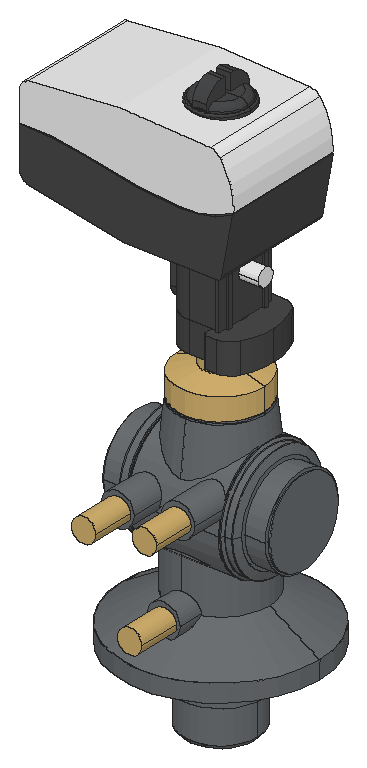
Revit family "AB-QM Novocon_DN40-100_Novocon M_RFA_1", category Pipe Accessories, Revit 2019
Family settings
  Round Connector Dimension = Use Diameter
  Part Type = Valve - Breaks Into
  OmniClass Number = 23.65.55.14.17
  OmniClass Title = Adjusting/Controlling Valves for Liquid Services
  Work Plane-Based = No
  Always vertical = Yes
  Cut with Voids When Loaded = No
  Shared = No
Parameters (values of type "AB-QM Novocon_DN40_External_003Z1770")
  Weight = 6.83 kg
  W = RB7 * 2  # 131.4 mm
  Voltage = 24 V  # constant formula
  Valve Body Material = Danfoss Grey Iron
  URL = "https://store.danfoss.com/en/Climate-Solutions/Climate-Solutions-for-heating/Hydronic-Balancing-and-Control/Pressure-independent-balancing-and-control/Pressure-Independent-Control-Valves-%28PICV%29/AB-QM-Valves/c/CFH_6990"
  TPF_W1 = 75 mm
  TPF_H2 = 15 mm
  TPF_H1 = 7.5 mm
  TPF_H = 57 mm
  TPF_L = 20 mm
  TPF_L1 = 20 mm
  TP_L = 10 mm
  TP_H = 10 mm
  TP_D = 16 mm
  TP_BIG = if(DN > 50 mm, 1 = 1, 1 = 0)  # no
  TP_50 = if(DN < 65 mm, 1 = 1, 1 = 0)  # yes
  TP2_W = 10 mm
  TP2_L = 20 mm
  TP2_H = 1 mm
  TPF_W = 88 mm
  TP_D1 = 22 mm
  TP2 = 1 mm
  TP BIG_350 = and(LOD 350, TP_BIG)  # no
  TP BIG_200 = and(LOD 200, TP_BIG)  # no
  TD = RV2 * 2  # 59.6 mm
  Stroke = "10 mm"
  Setting Range = "40-100%"  # constant formula
  Schematic_Thread = not(Schematic_Flange)  # yes
  Schematic_Flange = if(Weight > 10.00 kg, 1 = 1, 1 = 0)  # no
  RV3 = 31.8 mm
  RV1 = 28.3 mm
  RV4 = 37.5 mm
  RV5 = 39.4 mm
  RV6 = 39.4 mm
  RT3 = 34 mm
  RT2 = 29 mm
  RB3 = 29.7 mm
  Power = 3.5 VA  # constant formula
  Nominal Pressure = "PN 16"  # constant formula
  Nominal Flow (Text) = "7500 l/h"
  Nominal Flow = 7.5 m³/h
  Min Differential Pressure = "30 kPa"
  Max Differential Pressure = "600 kPa"  # constant formula
  L4 = 4.9 mm
  RT1 = 29 mm
  RB6 = 54.4 mm
  RB2 = 24.7 mm
  RB8 = 32.2 mm
  RB1 = 22 mm
  RB4 = 40 mm
  RB7 = 65.7 mm
  RB5 = 50.8 mm
  RV2 = 29.8 mm
  Pressure Drop [instance] = 0.0 Pa
  Model Type = "AB-QM Novocon_DN40_External"
  Model = "003Z1770"
  Min Medium Temperature = "-10 °C"  # constant formula
  Max Medium Temperature = "120 °C"  # constant formula
  Manufacturer = "Danfoss"  # constant formula
  Hnovocon = 247.5 mm
  Ha = 282.5 mm
  H2_7 = 20.5 mm
  L5 = 1.5 mm
  L3 = 2 mm
  LOD 350 = not(LOD 200)  # yes
  LOD 200 = no
  L6 = 30 mm
  L2 = 14 mm
  L1 = 1.5 mm
  L = 110 mm
  IfcExportType = "AB-QM"  # constant formula
  IfcExportAs = "IfcValveType"  # constant formula
  H2_4 = 5.1 mm
  H2_2 = 25 mm
  H2_1 = 3 mm
  H2_5 = 2.6 mm
  H2_6 = 11.8 mm
  H2_3 = 15.6 mm
  H2 = 141 mm
  H1_1 = 40 mm
  H1_3 = 1 mm
  H1_2 = 1 mm
  H = H2 + Hnovocon  # 388.5 mm
  Flow [instance] = 0.0 m³/h
  Description = "Pressure Independent Control Valve"  # constant formula
  DN = 40 mm
  D = DN  # 40 mm
  Connection = "External thread"
  Actuator Type = Novocon M_RFA : Novocon M_003Z8540
Reference planes
  plane 1 "Center (Front/Back)": y = 0
  plane 2 "XYPLANE": z = 0
  plane 3 "Center (Left/Right)": x = 0
  plane 4 "396": x = -20
  plane 5 "394": y = 36.911
  plane 6 "393": y = -36.911
  plane 7 "193": x = 31.1
  plane 8 "192": x = -31.1
  plane 9 "191": x = -32.6
  plane 10 "190": x = 32.6
  plane 11 "189": x = 37.5
  plane 12 "188": x = -37.5
  plane 13 "187": x = 30
  plane 14 "180": z = 129.3
  plane 15 "179": z = 111
  plane 16 "174": z = 56.5
  plane 17 "173": z = 55.5
  plane 18 "172": z = -77.9
  plane 19 "169": z = -92.3
  plane 20 "168": z = -97.4
  plane 21 "167": z = -113
  plane 22 "166": z = -138
  plane 23 "165": z = -57.4
  plane 24 "163": x = -30
  plane 25 "162": x = -39.5
  plane 26 "161": x = 39.5
  plane 27 "160": x = 53.5
  plane 28 "159": x = -53.5
  plane 29 "78": z = -141
  plane 30 "74": x = 55
  plane 31 "73": x = -55
  plane 32 "72": z = 0
  plane 33 "71": x = 0
  plane 34 "70": y = 0
  plane 35: x = -10
  plane 36: x = 10
  plane 37 "TP2": z = -1
  plane 38: y = 10
  plane 39: x = -20
  plane 40: x = 20
  plane 41: z = -57
  plane 42: z = 7.5
  plane 43 "183_4": z = 141.5
  plane 44: z = -89.7
  plane 45: z = 54.5
  plane 46: z = 14.5
  plane 47: y = -88
  plane 48: y = -75
  plane 49: z = 0
  plane 50: z = 10
  plane 51: z = 15
  plane 52: z = 247.5
  plane 53: y = 65.7
  plane 54: y = -65.7
Forms (mm)
  Blend 1, solid, material "Danfoss Grey Iron" <- "Valve Body Material", visible <- "LOD 350", detail levels fine
    base sketch origin (30, -750, 0) x (0, 1, 0) y (0, 0, 1)
      loop
        circle (750, 0) r 39.4
    top sketch origin (30, -750, 0) x (0, 1, 0) y (0, 0, 1)
      loop
        circle (750, 0) r 39.4
    from 0 to 1.1
  Extrusion 2, solid, material "Danfoss Grey Iron" <- "Valve Body Material", detail levels fine
    sketch origin (53.5, -750, -10.4) x (0, 1, 0) y (0, 0, 1)
      loop
        circle (750, 10.4) r 29.8
    from 0 to -14
  Extrusion 3, solid, material "Danfoss Grey Iron" <- "Valve Body Material", visible <- "LOD 350", detail levels fine
    sketch origin (32.6, -750, 0) x (0, 1, 0) y (0, 0, 1)
      loop
        circle (750, 0) r 37.5
    from 0 to 4.9
  Blend 4, solid, material "Danfoss Grey Iron" <- "Valve Body Material", visible <- "LOD 350", detail levels fine
    base sketch origin (31.1, -750, 0) x (0, 1, 0) y (0, 0, 1)
      loop
        circle (750, 0) r 39.4
    top sketch origin (31.1, -750, 0) x (0, 1, 0) y (0, 0, 1)
      loop
        circle (750, 0) r 37.5
    from 0 to 1.5
  Blend 5, solid, material "Danfoss Grey Iron" <- "Valve Body Material", visible <- "LOD 350", detail levels fine
    base sketch origin (134.6, -750, 0) x (0, 1, 0) y (0, 0, 1)
      loop
        circle (750, 0) r 31.8
    top sketch origin (134.6, -750, 0) x (0, 1, 0) y (0, 0, 1)
      loop
        circle (750, 0) r 37.5
    from -95.1 to -97.1
  Blend 6, solid, material "Danfoss Grey Iron" <- "Valve Body Material", visible <- "LOD 350", detail levels fine
    base sketch origin (-31.1, -750, 0) x (0, 1, 0) y (0, 0, 1)
      loop
        circle (750, 0) r 39.4
    top sketch origin (-31.1, -750, 0) x (0, 1, 0) y (0, 0, 1)
      loop
        circle (750, 0) r 39.4
    from 0 to 1.1
  Blend 7, solid, material "Danfoss Grey Iron" <- "Valve Body Material", visible <- "LOD 350", detail levels fine
    base sketch origin (-100.5, -750, 0) x (0, 1, 0) y (0, 0, 1)
      loop
        circle (750, 0) r 39.4
    top sketch origin (-100.5, -750, 0) x (0, 1, 0) y (0, 0, 1)
      loop
        circle (750, 0) r 37.5
    from 69.4 to 67.9
  Extrusion 8, solid, material "Danfoss Grey Iron" <- "Valve Body Material", visible <- "LOD 350", detail levels fine
    sketch origin (-37.5, -750, 0) x (0, 1, 0) y (0, 0, 1)
      loop
        circle (750, 0) r 37.5
    from 0 to 4.9
  Blend 9, solid, material "Danfoss Grey Iron" <- "Valve Body Material", visible <- "LOD 350", detail levels fine
    base sketch origin (-39.5, -750, 0) x (0, 1, 0) y (0, 0, 1)
      loop
        circle (750, 0) r 31.8
    top sketch origin (-39.5, -750, 0) x (0, 1, 0) y (0, 0, 1)
      loop
        circle (750, 0) r 37.5
    from 0 to 2
  Extrusion 10, solid, material "Danfoss Grey Iron" <- "Valve Body Material", detail levels fine
    sketch origin (-53.5, -750, -11.778) x (0, 1, 0) y (0, 0, 1)
      loop
        circle (750, 11.778) r 29.8
    from 0 to 14
  Extrusion 11, solid, material "Danfoss Grey Iron" <- "Valve Body Material", detail levels fine
    sketch origin (-750, 0, 55.5) x (1, 0, 0) y (0, 1, 0)
      loop
        circle (750, 0) r 29
    from 0 to -1
  Extrusion 12, solid, material "Danfoss Grey Iron" <- "Valve Body Material", detail levels fine
    sketch origin (-750, 0, 55.5) x (1, 0, 0) y (0, 1, 0)
      loop
        circle (750, 0) r 29
    from 0 to 1
  Blend 13, solid, material "Danfoss Grey Iron" <- "Valve Body Material", visible <- "LOD 350", detail levels fine
    base sketch origin (-750, 0, -128.22) x (1, 0, 0) y (0, 1, 0)
      loop
        circle (750, 0) r 50.8
    top sketch origin (-750, 0, -128.22) x (1, 0, 0) y (0, 1, 0)
      loop
        circle (750, 0) r 54.4
    from 35.92 to 38.52
  Extrusion 14, solid, material "Danfoss Grey Iron" <- "Valve Body Material", visible <- "LOD 350", detail levels fine
    sketch origin (-750, 0, -92.3) x (1, 0, 0) y (0, 1, 0)
      loop
        circle (750, 0) r 29.7
    from -20.7 to -5.1
  Extrusion 15, solid, material "Danfoss Grey Iron" <- "Valve Body Material", detail levels fine
    sketch origin (-750, 0, -77.9) x (1, 0, 0) y (0, 1, 0)
      loop
        circle (750, 0) r 65.7
    from 0 to -11.8
  Blend 16, solid, material "Danfoss Grey Iron" <- "Valve Body Material", visible <- "LOD 350", detail levels fine
    base sketch origin (-750, 0, -138) x (1, 0, 0) y (0, 1, 0)
      loop
        circle (750, 0) r 24.7
    top sketch origin (-750, 0, -138) x (1, 0, 0) y (0, 1, 0)
      loop
        circle (750, 0) r 22
    from 0 to -3
  Extrusion 17, solid, material "Danfoss Grey Iron" <- "Valve Body Material", visible <- "LOD 350", detail levels fine
    sketch origin (-750, 0, -138) x (1, 0, 0) y (0, 1, 0)
      loop
        circle (750, 0) r 24.7
    from 0 to 25
  Blend 18, solid, material "Danfoss Grey Iron" <- "Valve Body Material", visible <- "LOD 350", detail levels fine
    base sketch origin (-750, 0, -92.3) x (1, 0, 0) y (0, 1, 0)
      loop
        circle (750, 0) r 29.7
    top sketch origin (-750, 0, -92.3) x (1, 0, 0) y (0, 1, 0)
      loop
        circle (750, 0) r 40
    from -5.1 to 0
  Blend 19, solid, material "Danfoss Grey Iron" <- "Valve Body Material", detail levels fine
    base sketch origin (-750, 0, -57.4) x (1, 0, 0) y (0, 1, 0)
      loop
        circle (750, 0) r 32.2
    top sketch origin (-750, 0, -57.4) x (1, 0, 0) y (0, 1, 0)
      loop
        circle (750, 0) r 65.7
    from 0 to -20.5
  Extrusion 20, solid, material "Danfoss Grey Iron" <- "Valve Body Material", detail levels fine
    sketch origin (55, -750, 0) x (0, 1, 0) y (0, 0, 1)
      loop
        circle (750, 0) r 28.3
    from 0 to -1.5
  Extrusion 21, solid, material "Danfoss Grey Iron" <- "Valve Body Material", detail levels fine
    sketch origin (-55, -750, 0) x (0, 1, 0) y (0, 0, 1)
      loop
        circle (750, 0) r 28.3
    from 0 to 1.5
  Extrusion 22, solid, material "Danfoss Grey Iron" <- "Valve Body Material", visible <- "LOD 350", detail levels fine
    sketch origin (-30, -750, 0) x (0, 1, 0) y (0, 0, 1)
      loop
        circle (750, 0) r 39.4
    from 0 to 60
  Extrusion 23, solid, material "Danfoss Brass", visible <- "TP_BIG", detail levels fine
    sketch origin (0, 0, 0) x (1, 0, 0) y (0, 1, 0)
      loop
        circle (-10, 0) r 8
      loop
        circle (10, 0) r 8
    from 0 to 10
  Extrusion 24, solid, material "Danfoss Brass", visible <- "TP_BIG", detail levels fine
    sketch origin (0, 0, -1) x (0, 1, 0) y (-1, 0, 0)
      loop
        circle (10, 20) r 8
    from 0 to 1
  Extrusion 25, solid, material "Danfoss Brass", visible <- "TP_50", detail levels fine
    sketch origin (0, 0, 0) x (1, 0, 0) y (0, 0, 1)
      loop
        circle (-20, 7.5) r 8
    from 0 to 88
  Revolve 26, solid, material "Danfoss Brass", detail levels fine
    sketch origin (0, 0, 0) x (1, 0, 0) y (0, 0, 1)
      loop
        line (-29, 56.5) -> (0, 56.5) -> (0, 141.5) -> (-3, 141.5) -> (-3, 111) -> (-12.5, 111) -> (-12.5, 75.676) -> (-29, 71.1) -> (-29, 56.5)
      axis (0, 141.5) -> (0, 56.5)
    angle from 0 to 360
  Blend 27, solid, material "Danfoss Grey Iron" <- "Valve Body Material", detail levels fine
    base sketch origin (0, 0, -1) x (0, 1, 0) y (-1, 0, 0)
      loop
        circle (0, 0) r 29
    top sketch origin (0, 0, -1) x (0, 1, 0) y (-1, 0, 0)
      loop
        circle (0, 0) r 34
    from 55.5 to 15.5
  Extrusion 28, solid, material "Danfoss Grey Iron" <- "Valve Body Material", visible <- "TP_BIG", detail levels fine
    sketch origin (0, 0, -1) x (0, 1, 0) y (-1, 0, 0)
      loop
        arc (10, 9) -> (21, 20) -> (10, 31) r 11
        line (10, 31) -> (0, 31) -> (0, 9) -> (10, 9)
    from 0 to 40
  Extrusion 29, solid, material "Danfoss Grey Iron" <- "Valve Body Material", detail levels fine
    sketch origin (0, 0, -1) x (0, 1, 0) y (-1, 0, 0)
      loop
        circle (0, 0) r 32.2
    from -56.4 to 1
  Extrusion 30, solid, material "Danfoss Brass", visible <- "TP_50", detail levels fine
    sketch origin (0, 0, 0) x (1, 0, 0) y (0, 0, 1)
      loop
        circle (0, -57) r 8
    from 0 to 75
  Extrusion 31, solid, material "Danfoss Grey Iron" <- "Valve Body Material", visible <- "TP_50", detail levels fine
    sketch origin (0, 0, 0) x (1, 0, 0) y (0, 0, 1)
      loop
        circle (-20, 7.5) r 11
    from 0 to 60
  Extrusion 32, solid, material "Danfoss Grey Iron" <- "Valve Body Material", visible <- "TP_50", detail levels fine
    sketch origin (0, 0, 0) x (1, 0, 0) y (0, 0, 1)
      loop
        circle (0, -57) r 11
    from 0 to 47
  Extrusion 33, solid, material "Danfoss Steel (Spring)", detail levels fine
    sketch origin (0, 0, -1) x (0, 1, 0) y (-1, 0, 0)
      loop
        circle (0, 0) r 8
    from 112 to 130.3
  Extrusion 34, solid, material "Danfoss Grey Iron" <- "Valve Body Material", visible <- "LOD 200", detail levels fine
    sketch origin (-30, -750, 0) x (0, 1, 0) y (0, 0, 1)
      loop
        circle (750, 0) r 39.4
    from -9.5 to 69.5
  Extrusion 35, solid, material "Danfoss Grey Iron" <- "Valve Body Material", visible <- "LOD 200", detail levels fine
    sketch origin (0, 0, -1) x (0, 1, 0) y (-1, 0, 0)
      loop
        circle (0, 0) r 29.7
    from -140 to -88.7
  Extrusion 36, solid, material "Danfoss Brass", visible <- "TP_50", detail levels fine
    sketch origin (52, 0, 8.5) x (1, 0, 0) y (0, 0, 1)
      loop
        circle (-32, 6.5) r 8
    from 0 to 88
  Extrusion 37, solid, material "Danfoss Grey Iron" <- "Valve Body Material", visible <- "TP_50", detail levels fine
    sketch origin (52, 0, 8.5) x (1, 0, 0) y (0, 0, 1)
      loop
        circle (-32, 6.5) r 11
    from 0 to 60
Lines and regions (mm)
  reference lines, not visible
    curve 1: circle (2, 2, 0) r 1 normal (0, 0, 1)
Dimensions and locks
  plane 34 "70" to plane 5 "394" = 36.911 mm
  plane 34 "70" to plane 6 "393" = 36.911 mm
  "L5": plane 10 "190" to plane 7 "193"
  "L5": plane 9 "191" to plane 8 "192"
  "L4": plane 12 "188" to plane 9 "191"
  "L4": plane 11 "189" to plane 10 "190"
  "L3": plane 26 "161" to plane 11 "189"
  "L3": plane 25 "162" to plane 12 "188"
  "H2_7": plane 23 "165" to plane 18 "172"
  "H2_4": plane 20 "168" to plane 19 "169"
  "H2_3": plane 21 "167" to plane 20 "168"
  "H2_2": plane 22 "166" to plane 21 "167"
  "H2_1": plane 29 "78" to plane 22 "166"
  "L6": plane 33 "71" to plane 24 "163"
  "L2": plane 28 "159" to plane 25 "162"
  "L2": plane 27 "160" to plane 26 "161"
  "H2": plane 2 "XYPLANE" to plane 29 "78"
  locked: plane 2 "XYPLANE" to plane 32 "72"
  locked: plane 3 "Center (Left/Right)" to plane 33 "71"
  locked: plane 1 "Center (Front/Back)" to plane 34 "70"
  "TP2": level to plane 37 "TP2"
  "TP2_W": plane 38 to plane 34 "70"
  "TP2_L": plane 39 to plane 3 "Center (Left/Right)"
  "TP_L": plane 35 to plane 3 "Center (Left/Right)" to plane 36
  "TPF_L1": plane 40 to plane 3 "Center (Left/Right)"
  "TPF_H": plane 41 to level
  "TPF_H1": level to plane 42
  "L": plane 30 "74" to plane 31 "73"
  equal spacing: plane 24 "163", plane 33 "71", plane 13 "187"
  "H2_6": plane 18 "172" to plane 44
  "H2_5": plane 44 to plane 19 "169"
  "TP2": plane 32 "72" to plane 37 "TP2"
  equal spacing: plane 30 "74", plane 3 "Center (Left/Right)", plane 31 "73"
  "H1_2": plane 17 "173" to plane 45
  "H1_3": plane 16 "174" to plane 17 "173"
  locked: plane 15 "179" to plane 16 "174" at 54.5
  locked: plane 43 "183_4" to plane 16 "174" at 85
  locked: plane 14 "180" to plane 15 "179" at 18.3
  locked: plane 33 "71" to Revolve 26 sketch curve at 3
  locked: plane 33 "71" to Revolve 26 sketch curve at 12.5
  locked: plane 33 "71" to Revolve 26 sketch curve at 29
  locked: Revolve 26 sketch curve to plane 16 "174" at 14.6
  locked: Revolve 26 sketch curve to plane 16 "174" at 19.176
  "L1": plane 27 "160" to plane 30 "74"
  "L1": plane 31 "73" to plane 28 "159"
  "TPF_L": plane 33 "71" to plane 4 "396"
  "Ha": plane 43 "183_4" to plane 29 "78"
  "H1_1": plane 45 to plane 46
  "TPF_W": plane 47 to plane 1 "Center (Front/Back)"
  "TPF_W1": plane 48 to plane 1 "Center (Front/Back)"
  "TP2_H": plane 49 to plane 37 "TP2"
  "TP_H": plane 50 to plane 32 "72"
  "TPF_H2": plane 51 to level
  equal spacing: plane 54, plane 34 "70", plane 53
  "W": plane 54 to plane 53
  "H": plane 52 to plane 29 "78"
  "RV5": radius of Blend 1 sketch curve
  "RV6": radius of Blend 1 sketch curve
  "RV2": radius of Extrusion 2 sketch curve
  "RV4": radius of Extrusion 3 sketch curve
  "RV4": radius of Blend 4 sketch curve
  "RV5": radius of Blend 4 sketch curve
  "RV4": radius of Blend 5 sketch curve
  "RV3": radius of Blend 5 sketch curve
  "RV6": radius of Blend 6 sketch curve
  "RV5": radius of Blend 6 sketch curve
  "RV4": radius of Blend 7 sketch curve
  "RV5": radius of Blend 7 sketch curve
  "RV4": radius of Extrusion 8 sketch curve
  "RV4": radius of Blend 9 sketch curve
  "RV2": radius of Extrusion 10 sketch curve
  "RT1": radius of Extrusion 11 sketch curve
  "RT2": radius of Extrusion 12 sketch curve
  "RB6": radius of Blend 13 sketch curve
  "RB5": radius of Blend 13 sketch curve
  "RB3": radius of Extrusion 14 sketch curve
  "RB7": radius of Extrusion 15 sketch curve
  "RB1": radius of Blend 16 sketch curve
  "RB2": radius of Blend 16 sketch curve
  "RB2": radius of Extrusion 17 sketch curve
  "RB4": radius of Blend 18 sketch curve
  "RB3": radius of Blend 18 sketch curve
  "RB7": radius of Blend 19 sketch curve
  "RV1": radius of Extrusion 20 sketch curve
  "RV1": radius of Extrusion 21 sketch curve
  "RV6": radius of Extrusion 22 sketch curve
  "TP_D": diameter of Extrusion 23 sketch curve  (x2)
  "TP_D": diameter of Extrusion 24 sketch curve
  "TP_D": diameter of Extrusion 25 sketch curve
  "RT1": radius of Blend 27 sketch curve
  "RT3": radius of Blend 27 sketch curve
  "RB8": radius of Blend 19 sketch curve
  "RV3": radius of Blend 9 sketch curve
  "TP_D1": diameter of Extrusion 28 sketch curve
  "RB8": radius of Extrusion 29 sketch curve
  "TP_D": diameter of Extrusion 30 sketch curve
  "TP_D1": diameter of Extrusion 31 sketch curve
  "TP_D1": diameter of Extrusion 32 sketch curve
  diameter of Extrusion 33 sketch curve = 16 mm
  "RV6": radius of Extrusion 34 sketch curve
  "RB3": radius of Extrusion 35 sketch curve
  "TP_D": diameter of Extrusion 36 sketch curve
  "TP_D1": diameter of Extrusion 37 sketch curve
  locked: Revolve 26 sketch curve to Revolve 26 sketch curve (angle 105.50°)
  aligned and locked: level to plane 2 "XYPLANE"
  aligned and locked: plane 32 "72" to Blend 1 sketch curve  (x2)
  aligned and locked: Blend 1 sketch curve to plane 34 "70"  (x2)
  aligned and locked: plane 7 "193" to Blend 1
  aligned and locked: plane 32 "72" to Extrusion 2 sketch curve
  aligned and locked: Extrusion 2 sketch curve to plane 34 "70"
  aligned and locked: plane 32 "72" to Extrusion 3 sketch curve
  aligned and locked: Extrusion 3 sketch curve to plane 34 "70"
  aligned and locked: plane 32 "72" to Blend 4 sketch curve  (x2)
  aligned and locked: Blend 4 sketch curve to plane 34 "70"  (x2)
  aligned and locked: plane 10 "190" to Blend 4
  aligned and locked: plane 32 "72" to Blend 5 sketch curve  (x2)
  aligned and locked: Blend 5 sketch curve to plane 34 "70"  (x2)
  aligned and locked: Blend 5 to plane 11 "189"
  aligned and locked: plane 32 "72" to Blend 6 sketch curve  (x2)
  aligned and locked: Blend 6 sketch curve to plane 34 "70"  (x2)
  aligned and locked: plane 24 "163" to Blend 6
  aligned and locked: plane 32 "72" to Blend 7 sketch curve  (x2)
  aligned and locked: Blend 7 sketch curve to plane 34 "70"  (x2)
  aligned and locked: Blend 7 to plane 9 "191"
  aligned and locked: plane 32 "72" to Extrusion 8 sketch curve
  aligned and locked: Extrusion 8 sketch curve to plane 34 "70"
  aligned and locked: plane 32 "72" to Blend 9 sketch curve  (x2)
  aligned and locked: Blend 9 sketch curve to plane 34 "70"  (x2)
  aligned and locked: plane 12 "188" to Blend 9
  aligned and locked: plane 32 "72" to Extrusion 10 sketch curve
  aligned and locked: Extrusion 10 sketch curve to plane 34 "70"
  aligned and locked: plane 33 "71" to Extrusion 11 sketch curve
  aligned and locked: plane 34 "70" to Extrusion 11 sketch curve
  aligned and locked: plane 33 "71" to Extrusion 12 sketch curve
  aligned and locked: plane 34 "70" to Extrusion 12 sketch curve
  aligned and locked: plane 33 "71" to Blend 13 sketch curve  (x2)
  aligned and locked: plane 34 "70" to Blend 13 sketch curve  (x2)
  aligned and locked: plane 33 "71" to Extrusion 14 sketch curve
  aligned and locked: plane 34 "70" to Extrusion 14 sketch curve
  aligned and locked: plane 33 "71" to Extrusion 15 sketch curve
  aligned and locked: plane 34 "70" to Extrusion 15 sketch curve
  aligned and locked: plane 33 "71" to Blend 16 sketch curve  (x2)
  aligned and locked: plane 34 "70" to Blend 16 sketch curve  (x2)
  aligned and locked: Blend 16 to plane 29 "78"
  aligned and locked: plane 33 "71" to Extrusion 17 sketch curve
  aligned and locked: plane 34 "70" to Extrusion 17 sketch curve
  aligned and locked: plane 33 "71" to Blend 18 sketch curve  (x2)
  aligned and locked: plane 34 "70" to Blend 18 sketch curve  (x2)
  aligned and locked: plane 33 "71" to Blend 19 sketch curve  (x2)
  aligned and locked: plane 34 "70" to Blend 19 sketch curve  (x2)
  aligned and locked: Blend 19 to plane 18 "172"
  aligned and locked: plane 32 "72" to Extrusion 20 sketch curve
  aligned and locked: Extrusion 20 sketch curve to plane 34 "70"
  aligned and locked: plane 32 "72" to Extrusion 21 sketch curve
  aligned and locked: Extrusion 21 sketch curve to plane 34 "70"
  aligned and locked: plane 32 "72" to Extrusion 22 sketch curve
  aligned and locked: Extrusion 22 sketch curve to plane 34 "70"
  aligned and locked: Extrusion 21 to plane 31 "73"
  aligned and locked: Extrusion 21 to plane 28 "159"
  aligned and locked: Extrusion 10 to plane 28 "159"
  aligned and locked: Extrusion 10 to plane 25 "162"
  aligned and locked: Blend 9 to plane 25 "162"
  aligned and locked: Blend 9 to Extrusion 8
  aligned and locked: Extrusion 8 to plane 12 "188"
  aligned and locked: Extrusion 8 to plane 9 "191"
  aligned and locked: Blend 7 to plane 8 "192"
  aligned and locked: Blend 7 to Extrusion 8
  aligned and locked: Blend 6 to Extrusion 22
  aligned and locked: Blend 6 to plane 8 "192"
  aligned and locked: Extrusion 22 to plane 24 "163"
  aligned and locked: Extrusion 22 to plane 13 "187"
  aligned and locked: Blend 1 to plane 13 "187"
  aligned and locked: Blend 1 to Blend 4
  aligned and locked: Blend 4 to plane 7 "193"
  aligned and locked: Blend 4 to Extrusion 3
  aligned and locked: Extrusion 3 to plane 10 "190"
  aligned and locked: Extrusion 3 to plane 11 "189"
  aligned and locked: Blend 5 to Extrusion 3
  aligned and locked: Blend 5 to plane 26 "161"
  aligned and locked: Extrusion 2 to plane 26 "161"
  aligned and locked: Extrusion 2 to plane 27 "160"
  aligned and locked: Extrusion 20 to plane 27 "160"
  aligned and locked: Extrusion 20 to plane 30 "74"
  aligned and locked: plane 18 "172" to Extrusion 15
  aligned and locked: Extrusion 14 to plane 21 "167"
  aligned and locked: plane 20 "168" to Extrusion 14
  aligned and locked: Blend 13 to plane 19 "169"
  aligned and locked: Blend 13 to Extrusion 15
  aligned and locked: Revolve 26 sketch curve to plane 16 "174"
  aligned and locked: Revolve 26 sketch curve to plane 15 "179"
  aligned and locked: Revolve 26 sketch curve to plane 43 "183_4"
  aligned and locked: Revolve 26 sketch curve to plane 33 "71"
  aligned and locked: Revolve 26 sketch curve to Revolve 26 sketch curve  (x2)
  aligned and locked: plane 16 "174" to Extrusion 12
  aligned and locked: Extrusion 12 to plane 17 "173"
  aligned and locked: plane 17 "173" to Extrusion 11
  aligned and locked: Extrusion 11 to plane 45
  aligned and locked: Extrusion 11 to Blend 27
  aligned and locked: Extrusion 17 to plane 22 "166"
  aligned and locked: plane 21 "167" to Extrusion 17
  aligned and locked: plane 22 "166" to Blend 16
  aligned and locked: Blend 18 to plane 20 "168"
  aligned and locked: plane 19 "169" to Blend 18
  aligned and locked: plane 44 to Blend 13
  aligned and locked: plane 23 "165" to Blend 19
  aligned and locked: plane 4 "396" to Extrusion 25 sketch curve
  aligned and locked: plane 42 to Extrusion 25 sketch curve
  aligned and locked: Blend 27 to plane 46
  aligned and locked: plane 1 "Center (Front/Back)" to Extrusion 28 sketch curve
  aligned and locked: level to Extrusion 29
  aligned and locked: Extrusion 29 to plane 23 "165"
  aligned and locked: plane 47 to Extrusion 25
  aligned and locked: plane 48 to Extrusion 30
  aligned and locked: plane 49 to Extrusion 24
  aligned and locked: plane 14 "180" to Extrusion 33
  aligned and locked: Extrusion 33 to plane 15 "179"
  aligned and locked: plane 50 to Extrusion 23
  aligned and locked: Extrusion 34 to plane 25 "162"
  aligned and locked: Extrusion 35 to plane 29 "78"
  aligned and locked: Blend 13 to Extrusion 35
  aligned and locked: Extrusion 34 to plane 26 "161"
  aligned and locked: plane 51 to Extrusion 37 sketch curve
  aligned and locked: plane 40 to Extrusion 37 sketch curve
  aligned and locked: plane 51 to Extrusion 36 sketch curve
  aligned and locked: plane 40 to Extrusion 36 sketch curve
  aligned and locked: plane 52 to nested 2
  aligned and locked: nested 2 to plane 33 "71"
  aligned and locked: nested 2 to plane 34 "70"
Automatic sketch dimensions
  plane 3 "Center (Left/Right)" to curve 1 = 2 mm
  curve 1 to plane 1 "Center (Front/Back)" = 2 mm
  Revolve 26 sketch curve to plane 16 "174" = 0 mm
  plane 1 "Center (Front/Back)" to Extrusion 33 sketch curve = 0 mm
  Extrusion 33 sketch curve to plane 3 "Center (Left/Right)" = 0 mm
  plane 1 "Center (Front/Back)" to Extrusion 23 sketch curve = 0 mm  (x2)
  Extrusion 23 sketch curve to plane 35 = 0 mm
  Extrusion 23 sketch curve to plane 36 = 0 mm
  Extrusion 24 sketch curve to plane 4 "396" = 0 mm
  Extrusion 24 sketch curve to plane 38 = 0 mm
  plane 1 "Center (Front/Back)" to Blend 27 sketch curve = 0 mm  (x2)
  Blend 27 sketch curve to plane 3 "Center (Left/Right)" = 0 mm  (x2)
  Extrusion 28 sketch curve to plane 38 = 0 mm
  Extrusion 28 sketch curve to plane 4 "396" = 0 mm
  plane 1 "Center (Front/Back)" to Extrusion 29 sketch curve = 0 mm
  Extrusion 29 sketch curve to plane 3 "Center (Left/Right)" = 0 mm
  Extrusion 30 sketch curve to plane 3 "Center (Left/Right)" = 0 mm
  Extrusion 30 sketch curve to plane 41 = 0 mm
  Extrusion 31 sketch curve to plane 4 "396" = 0 mm
  Extrusion 31 sketch curve to plane 42 = 0 mm
  Extrusion 32 sketch curve to plane 3 "Center (Left/Right)" = 0 mm
  Extrusion 32 sketch curve to plane 41 = 0 mm
  Extrusion 34 sketch curve to level = 0 mm
  Extrusion 34 sketch curve to plane 1 "Center (Front/Back)" = 0 mm
  plane 1 "Center (Front/Back)" to Extrusion 35 sketch curve = 0 mm
  Extrusion 35 sketch curve to plane 3 "Center (Left/Right)" = 0 mm
  radius of curve 1 = 1 mm
Nested families
  nested 1: "Schematic_PICV_Actuator" at (0, 0, 0), visible <- "Schematic_Thread", type "Schematic_PICV_Actuator", detail levels coarse+medium
  nested 2: "Novocon M_RFA" at (0, 0, 87.9) x (0, -1, 0) z (0, 0, 1), LOD 200 <- "LOD 200", Voltage <- "Voltage", Power <- "Power", type <- "Actuator Type", type "Novocon M_003Z8540", detail levels fine
    with Voltage 24 V, Power 3.5 VA, LOD 350 yes, LOD 200 no
  nested 3: "Schematic_PICV_Actuator_Flange" at (0, 0, 0), visible <- "Schematic_Flange", type "Schematic_PICV_Actuator_Flange", detail levels coarse+medium
Connectors
  piping at (55, 0, 0), diameter 40, driven by "Flow", driven by "D"
    settings: on Extrusion 20, index 1, connector inside diameter 609.6 mm, connector length 0 mm, flow factor 0, pipe flow 0.0 m³/h, pressure drop 0.0 Pa, fitting loss kfactor 0, connector angle 0.00°, fixture units 0, engagement length 0 mm, angle of deflection 0.00°, flow configuration 0, flow direction 0, fitting loss method 0, system type 29, joint type 0, gender type 0, connector reference index 2, connector utility 0, adjustable connector no, is connector primary yes, connector description ""
  piping at (-55, 0, 0), diameter 40, driven by "Flow", driven by "D"
    settings: on Extrusion 21, index 2, connector inside diameter 609.6 mm, connector length 0 mm, flow factor 0, pipe flow 0.0 m³/h, pressure drop 0.0 Pa, fitting loss kfactor 0, connector angle 0.00°, fixture units 0, engagement length 0 mm, angle of deflection 0.00°, flow configuration 0, flow direction 0, fitting loss method 0, system type 29, joint type 0, gender type 0, connector reference index 1, connector utility 0, adjustable connector no, is connector primary no, connector description ""
  electrical at (0, 0, 0), driven by "Voltage", driven by "Power", driven by "Power"
    settings: index 3, voltage 24 V, apparent load 3.5 VA, apparent load phase1 3.5 VA, apparent load phase2 0 VA, apparent load phase3 0 VA, power factor 0.95, load classification "HVAC", number of poles 1, system type 30, power factor state 1, is connector primary yes, connector utility no, sub classification motor no, connector description ""
Definition of nested family "Novocon M_RFA"
  Parameters (values of type "Novocon M_003Z8540")
    Weight = 0.70 kg
    W3 = 41 mm
    W2 = 52.5 mm
    W1 = 55.5 mm
    W = 82 mm
    Voltage [instance] = 24 V
    URL = "https://store.danfoss.com/en/Climate-Solutions-for-heating/Hydronic-Balancing-and-Control/Pressure-independent-balancing-and-control/Actuators/Digital-actuators/NovoCon-M%2C-Digital-actuator-for-AB-QM-DN-40-100/p/003Z8540"
    Speed = "(3, 6, 12, 24) s/mm, Constant Time\r"  # constant formula
    Power [instance] = 3.5 VA
    Model Type = "Novocon M"
    Model = "003Z8540"
    Min Ambient Temperature = "-10 °C\r"  # constant formula
    Max Stroke = 20 mm  # constant formula
    Max Medium Temperature = "120 °C\r"  # constant formula
    Max Ambient Temperature = "50 °C\r"  # constant formula
    Manufacturer = "Danfoss"  # constant formula
    LOD 350 [instance] = not(LOD 200)  # yes
    LOD 200 [instance] = no
    L2 = 57.5 mm
    L1 = 42 mm
    L = 146.7 mm
    IfcExportType = "Novocon M"  # constant formula
    IfcExportAs = "IfcActuatorType"  # constant formula
    H2 = 65.5 mm
    H1 = 20 mm
    H = 159.6 mm
    Description = "Digital Actuator"
    Control Signal = "BACnet MS/TP, Modbus RTU, (0-10, 0-5, 2-10, 5-10, 2-6, 6-10)\r VDC, (0-20, 4-20\r) mA\r"  # constant formula
    Closing Force = "550 N"  # constant formula
    Body Material = none
  Reference planes
    plane 1 "Center (Front/Back)": y = 0
    plane 2: z = 0
    plane 3 "Center (Left/Right)": x = 0
    plane 4: z = 20
    plane 5: y = -118.6
    plane 6: z = 159.6
    plane 7: x = 41
    plane 8: x = -41
    plane 9: x = -27.75
    plane 10: x = 27.75
    plane 11: z = 65.5
    plane 12: x = -26.25
    plane 13: x = 26.25
    plane 14: x = -20.5
    plane 15: x = 20.5
    plane 16 "Plane Bottom": z = 48.3
    plane 17: y = 16.2
    plane 18: y = -25.8
    plane 19: y = 41.2
    plane 20: y = -105.5
    plane 21: y = 35.4
    plane 22 "Front_1": y = -22.1
    plane 23: z = 5.5
    plane 24: y = 10.5
    plane 25: z = 112.5
    plane 26: z = 108.8
    plane 27: z = 99.8
    plane 28: y = -100
    plane 29: z = 144.6
    plane 30 "RL_1": z = 98.8
    plane 31: x = -14.7
  Forms (mm)
    Extrusion 1, solid, material <- "Body Material", visible <- "LOD 350", detail levels fine
      sketch origin (0, 0, 0) x (1, 0, 0) y (0, 1, 0)
        loop
          circle (0, 0) r 16.5
      from 0 to 20
    Extrusion 2, solid, material <- "Body Material", visible <- "LOD 350", detail levels fine
      sketch origin (0, 0, 0) x (1, 0, 0) y (0, 1, 0)
        loop
          arc (25.745, 10.5) -> (27.163, 11.087) -> (27.75, 12.505) r 2.005
          line (27.75, 12.505) -> (27.75, 19.55)
          arc (27.75, 19.55) -> (26.004, 25.784) -> (21.273, 30.204) r 12
          arc (21.273, 30.204) -> (10.948, 34.077) -> (0, 35.4) r 46.305
          arc (0, 35.4) -> (-10.948, 34.077) -> (-21.273, 30.204) r 46.305
          arc (-21.273, 30.204) -> (-26.004, 25.784) -> (-27.75, 19.55) r 12
          line (-27.75, 19.55) -> (-27.75, 12.454)
          arc (-27.75, 12.454) -> (-27.178, 11.072) -> (-25.796, 10.5) r 1.954
          line (-25.796, 10.5) -> (-20.5, 10.5) -> (-20.5, -4.1)
          arc (-20.5, -4.1) -> (-15.228, -16.828) -> (-2.5, -22.1) r 18
          line (-2.5, -22.1) -> (2.5, -22.1)
          arc (2.5, -22.1) -> (15.228, -16.828) -> (20.5, -4.1) r 18
          line (20.5, -4.1) -> (20.5, 10.5) -> (25.745, 10.5)
      from 0 to 20
    Extrusion 3, solid, material <- "Body Material", visible <- "LOD 350", detail levels fine
      sketch origin (0, 0, 0) x (1, 0, 0) y (0, 1, 0)
        loop
          line (21.5, 16.2) -> (16.031, 16.2) -> (16.031, 18.2) -> (13.531, 18.2) -> (13.531, 16.2) -> (-13.531, 16.2) -> (-13.531, 18.2) -> (-16.031, 18.2) -> (-16.031, 16.2) -> (-21.5, 16.2) -> (-21.5, 13.7) -> (-20.5, 13.7) -> (-20.5, -4.1)
          arc (-20.5, -4.1) -> (-15.228, -16.828) -> (-2.5, -22.1) r 18
          line (-2.5, -22.1) -> (2.5, -22.1)
          arc (2.5, -22.1) -> (15.228, -16.828) -> (20.5, -4.1) r 18
          line (20.5, -4.1) -> (20.5, 13.7) -> (21.5, 13.7) -> (21.5, 16.2)
      from 20 to 65.5
    Extrusion 4, solid, material <- "Body Material", visible <- "LOD 350", detail levels fine
      sketch origin (0, 0, 0) x (1, 0, 0) y (0, 0, 1)
        loop
          line (-9, 65.5) -> (-9, 28.5)
          arc (-9, 28.5) -> (0, 19.5) -> (9, 28.5) r 9
          line (9, 28.5) -> (9, 65.5) -> (-9, 65.5)
      from 0 to 25.8
    Extrusion 5, solid, visible <- "LOD 350", detail levels fine
      sketch origin (0, 0, 0) x (1, 0, 0) y (0, 0, 1)
        loop
          circle (0, 48.3) r 5.779
      from 0 to -29.7
    Extrusion 6, solid, visible <- "LOD 350", detail levels fine
      sketch origin (0, 0, 0) x (0, 1, 0) y (0, 0, 1)
        loop
          arc (-100, 112.5) -> (-78.893, 111.753) -> (-57.981, 108.8) r 201.416
          arc (-57.981, 108.8) -> (-40.057, 105.392) -> (-22.1, 102.159) r 1874.736
          arc (-22.1, 102.159) -> (-8.457, 100.361) -> (5.293, 99.8) r 152.587
          arc (5.293, 99.8) -> (23.894, 101.72) -> (41.2, 108.8) r 65.717
          arc (41.2, 108.8) -> (39.303, 124.138) -> (32.63, 138.079) r 48
          arc (32.63, 138.079) -> (29.842, 140.673) -> (26.231, 141.882) r 9
          arc (26.231, 141.882) -> (-34.033, 144.471) -> (-94.102, 138.983) r 450.386
          arc (-94.102, 138.983) -> (-98.325, 136.613) -> (-100, 132.07) r 7
          line (-100, 132.07) -> (-100, 112.5)
      from 41 to -41
    Extrusion 7, solid, material <- "Body Material", visible <- "LOD 350", detail levels fine
      sketch origin (0, 0, 0) x (0, 1, 0) y (0, 0, 1)
        loop
          arc (-58.173, 107.819) -> (-78.99, 110.758) -> (-100, 111.5) r 200.416
          line (-100, 111.5) -> (-100, 83.928)
          arc (-100, 83.928) -> (-98.63, 80.111) -> (-95.145, 78.038) r 6
          line (-95.145, 78.038) -> (-30.642, 65.5) -> (30.93, 65.5)
          arc (30.93, 65.5) -> (32.789, 66.137) -> (33.865, 67.781) r 3.028
          arc (33.865, 67.781) -> (38.167, 87.547) -> (41.068, 107.568) r 287.593
          arc (41.068, 107.568) -> (23.789, 100.663) -> (5.276, 98.8) r 66.717
          arc (5.276, 98.8) -> (-8.553, 99.366) -> (-22.274, 101.175) r 153.587
          arc (-22.274, 101.175) -> (-40.239, 104.409) -> (-58.173, 107.819) r 1875.736
      from 41 to -41
    Revolve 8, solid, detail levels fine
      sketch origin (0, 0, 98.8) x (-1, 0, 0) y (0, -1, 0)
        loop
          line (14.7, 100) -> (24.7, 100) -> (24.7, 104.216)
          arc (24.7, 104.216) -> (24.324, 105.124) -> (23.416, 105.5) r 1.284
          line (23.416, 105.5) -> (14.7, 105.5) -> (14.7, 100)
        axis (14.7, 100) -> (14.7, 105.5)
      angle from 0 to 360
    Revolve 9, solid, material <- "Body Material", visible <- "LOD 350", detail levels fine
      sketch origin (0, 0, 0) x (0, 1, 0) y (0, 0, 1)
        loop
          line (0, 139.6) -> (19.7, 139.6) -> (19.7, 143.609)
          arc (19.7, 143.609) -> (19.41, 144.31) -> (18.709, 144.6) r 0.991
          line (18.709, 144.6) -> (17.5, 144.6) -> (17.5, 145.449)
          arc (17.5, 145.449) -> (15.723, 148.016) -> (12.794, 149.1) r 5.192
          line (12.794, 149.1) -> (0, 149.1) -> (0, 139.6)
        axis (0, 149.1) -> (0, 139.6)
      angle from 0 to 360
    Extrusion 10, solid, material <- "Body Material", visible <- "LOD 350", detail levels fine
      sketch origin (0, 0, 0) x (1, 0, 0) y (0, 0, 1)
        loop
          line (-2.358, 144.6) -> (-2.358, 159.6) -> (-5.156, 159.6)
          arc (-5.156, 159.6) -> (-12.73, 156.15) -> (-17.2, 149.13) r 14.642
          line (-17.2, 149.13) -> (-17.2, 144.6) -> (-2.358, 144.6)
        loop
          line (2.358, 159.6) -> (2.358, 144.6) -> (17.2, 144.6) -> (17.2, 149.13)
          arc (17.2, 149.13) -> (12.73, 156.15) -> (5.156, 159.6) r 14.642
          line (5.156, 159.6) -> (2.358, 159.6)
      from -4.7 to 4.7
    Extrusion 11, solid, visible <- "LOD 200", detail levels fine
      sketch origin (0, 0, 0) x (1, 0, 0) y (0, 1, 0)
        loop
          line (-41, 41.068) -> (-41, -100) -> (41, -100) -> (41, 41.068) -> (-41, 41.068)
      from 112.5 to 144.6
    Extrusion 12, solid, material <- "Body Material", visible <- "LOD 200", detail levels fine
      sketch origin (0, 0, 0) x (1, 0, 0) y (0, 1, 0)
        loop
          line (-41, 41.236) -> (-41, -100) -> (41, -100) -> (41, 41.236) -> (-41, 41.236)
      from 65.5 to 112.5
    Extrusion 13, solid, material <- "Body Material", visible <- "LOD 200", detail levels fine
      sketch origin (0, 0, 0) x (1, 0, 0) y (0, 1, 0)
        loop
          line (-20.5, 16.2) -> (-20.5, -22.1) -> (20.5, -22.1) -> (20.5, 16.2) -> (-20.5, 16.2)
      from 20 to 65.5
    Extrusion 14, solid, material <- "Body Material", visible <- "LOD 200", detail levels fine
      sketch origin (0, 0, 0) x (1, 0, 0) y (0, 1, 0)
        loop
          circle (0, 0) r 19.7
      from 112.5 to 159.6
    Extrusion 15, solid, material <- "Body Material", visible <- "LOD 200", detail levels fine
      sketch origin (0, 0, 0) x (1, 0, 0) y (0, 1, 0)
        loop
          line (-27.75, 35.4) -> (-27.75, -22.1) -> (27.75, -22.1) -> (27.75, 35.4) -> (-27.75, 35.4)
      from 0 to 20
  Cuts and joins
    joined: Extrusion 3, Extrusion 4, Extrusion 7
  Dimensions and locks
    equal spacing: plane 7, plane 3 "Center (Left/Right)", plane 8
    "W": plane 7 to plane 8
    "H": plane 6 to level
    "H1": plane 4 to level
    equal spacing: plane 10, plane 3 "Center (Left/Right)", plane 9
    "W1": plane 10 to plane 9
    equal spacing: plane 13, plane 3 "Center (Left/Right)", plane 12
    "W2": plane 13 to plane 12
    equal spacing: plane 15, plane 3 "Center (Left/Right)", plane 14
    "W3": plane 15 to plane 14
    "H2": plane 11 to level
    locked: plane 16 "Plane Bottom" to level at 48.3
    "L": plane 20 to plane 19
    locked: plane 1 "Center (Front/Back)" to plane 19 at 41.2
    "L1": plane 18 to plane 17
    locked: plane 17 to plane 19 at 25
    "L2": plane 22 "Front_1" to plane 21
    locked: plane 21 to plane 19 at 5.8
    locked: plane 23 to level at 5.5
    locked: plane 1 "Center (Front/Back)" to plane 24 at 10.5
    locked: Extrusion 2 sketch curve to Extrusion 2 sketch curve at 19.704
    locked: Extrusion 3 sketch curve to plane 17 at 2.5  (x2)
    equal spacing: Extrusion 3 sketch curve, plane 3 "Center (Left/Right)", Extrusion 3 sketch curve
    locked: Extrusion 3 sketch curve to Extrusion 3 sketch curve at 32.062
    locked: Extrusion 3 sketch curve to Extrusion 3 sketch curve at 2.5  (x2)
    locked: Extrusion 3 sketch curve to plane 14 at 1
    locked: plane 15 to Extrusion 3 sketch curve at 1
    locked: plane 17 to Extrusion 3 sketch curve at 2  (x2)
    equal spacing: Extrusion 4 sketch curve, plane 3 "Center (Left/Right)", Extrusion 4 sketch curve
    Extrusion 4 sketch curve to Extrusion 4 sketch curve = 18 mm
    plane 11 to Extrusion 4 sketch curve = 37 mm
    locked: plane 27 to plane 11 at 34.3
    locked: plane 26 to plane 11 at 43.3
    locked: plane 25 to plane 11 at 47
    locked: plane 28 to plane 1 "Center (Front/Back)" at 100
    plane 6 to plane 29 = 15 mm
    Extrusion 6 sketch curve to plane 25 = 26.483 mm
    Extrusion 6 sketch curve to plane 19 = 8.57 mm
    plane 29 to Extrusion 6 sketch curve = 2.718 mm
    locked: plane 25 to Extrusion 7 sketch curve at 34.462
    locked: Extrusion 7 sketch curve to plane 19 at 71.842
    locked: plane 27 to plane 30 "RL_1" at 1
    locked: plane 3 "Center (Left/Right)" to plane 31 at 14.7
    Revolve 8 sketch curve to plane 31 = 10 mm
    locked: plane 1 "Center (Front/Back)" to Revolve 9 sketch curve at 17.5
    locked: plane 1 "Center (Front/Back)" to Revolve 9 sketch curve at 19.7
    locked: plane 29 to Revolve 9 sketch curve at 5
    equal spacing: Extrusion 10 sketch curve, plane 3 "Center (Left/Right)", Extrusion 10 sketch curve  (x2)
    Extrusion 10 sketch curve to Extrusion 10 sketch curve = 4.716 mm
    Extrusion 10 sketch curve to Extrusion 10 sketch curve = 34.4 mm
    Extrusion 10 sketch curve to plane 29 = 4.53 mm  (x2)
    diameter of Extrusion 1 sketch curve = 33 mm
    radius of Extrusion 2 sketch curve = 46.305 mm  (x2)
    radius of Extrusion 2 sketch curve = 2.005 mm
    radius of Extrusion 2 sketch curve = 1.954 mm
    radius of Extrusion 2 sketch curve = 12 mm  (x2)
    radius of Extrusion 2 sketch curve = 18 mm  (x2)
    diameter of Extrusion 5 sketch curve = 11.558 mm
    radius of Extrusion 6 sketch curve = 201.416 mm
    radius of Extrusion 6 sketch curve = 1874.736 mm
    radius of Extrusion 6 sketch curve = 152.587 mm
    radius of Extrusion 6 sketch curve = 65.717 mm
    radius of Extrusion 6 sketch curve = 48 mm
    radius of Extrusion 6 sketch curve = 7 mm
    radius of Extrusion 6 sketch curve = 9 mm
    radius of Extrusion 6 sketch curve = 450.386 mm
    radius of Extrusion 7 sketch curve = 287.593 mm
    radius of Extrusion 7 sketch curve = 200.416 mm
    radius of Extrusion 7 sketch curve = 1875.736 mm
    radius of Extrusion 7 sketch curve = 153.587 mm
    radius of Extrusion 7 sketch curve = 66.717 mm
    radius of Extrusion 7 sketch curve = 6 mm
    radius of Extrusion 7 sketch curve = 3.028 mm
    radius of Revolve 8 sketch curve = 1.284 mm
    radius of Revolve 9 sketch curve = 0.991 mm
    radius of Revolve 9 sketch curve = 5.192 mm
    radius of Extrusion 10 sketch curve = 14.642 mm  (x2)
    radius of Extrusion 14 sketch curve = 19.7 mm
    angle Extrusion 7 sketch curve to Extrusion 7 sketch curve = 101.00°
    aligned and locked: level to plane 2
    aligned and locked: plane 4 to Extrusion 1
    aligned and locked: Extrusion 2 sketch curve to plane 24  (x2)
    aligned and locked: Extrusion 2 sketch curve to plane 10
    aligned and locked: Extrusion 2 sketch curve to plane 14
    aligned and locked: Extrusion 2 sketch curve to plane 15
    aligned and locked: Extrusion 2 sketch curve to plane 22 "Front_1"
    aligned and locked: Extrusion 2 sketch curve to plane 9
    aligned and locked: Extrusion 2 to level
    aligned and locked: plane 4 to Extrusion 2
    aligned and locked: Extrusion 3 sketch curve to plane 17
    aligned and locked: Extrusion 3 sketch curve to Extrusion 2  (x2)
    aligned and locked: Extrusion 3 to plane 4
    aligned and locked: plane 11 to Extrusion 3
    aligned and locked: Extrusion 4 sketch curve to plane 11
    aligned and locked: plane 18 to Extrusion 4
    aligned and locked: Extrusion 6 sketch curve to plane 28
    aligned and locked: Extrusion 6 to plane 8
    aligned and locked: plane 7 to Extrusion 6
    aligned and locked: Extrusion 7 sketch curve to plane 11
    aligned and locked: Extrusion 7 sketch curve to plane 28
    aligned and locked: Extrusion 7 to plane 8
    aligned and locked: plane 7 to Extrusion 7
    aligned and locked: Revolve 8 sketch curve to plane 31
    aligned and locked: Revolve 8 sketch curve to plane 20
    aligned and locked: Revolve 8 sketch curve to plane 28
    aligned and locked: Revolve 9 sketch curve to plane 1 "Center (Front/Back)"
    aligned and locked: Revolve 9 sketch curve to plane 29
    aligned and locked: Extrusion 10 sketch curve to plane 6  (x2)
    aligned and locked: Extrusion 10 sketch curve to plane 29  (x2)
    aligned and locked: Extrusion 11 sketch curve to cut or joined group of Extrusion 3, Extrusion 4, Extrusion 7  (x2)
    aligned and locked: Extrusion 11 sketch curve to Extrusion 6  (x2)
    aligned and locked: Extrusion 11 to plane 25
    aligned and locked: plane 29 to Extrusion 11
    aligned and locked: Extrusion 12 sketch curve to Extrusion 6  (x3)
    aligned and locked: Extrusion 12 to plane 11
    aligned and locked: plane 25 to Extrusion 12
    aligned and locked: plane 17 to Extrusion 13 sketch curve
    aligned and locked: Extrusion 13 sketch curve to plane 22 "Front_1"
    aligned and locked: Extrusion 13 sketch curve to plane 15
    aligned and locked: plane 14 to Extrusion 13 sketch curve
    aligned and locked: plane 11 to Extrusion 13
    aligned and locked: Extrusion 14 to plane 25
    aligned and locked: plane 6 to Extrusion 14
    aligned and locked: Extrusion 13 to plane 4
    aligned and locked: plane 21 to Extrusion 15 sketch curve
    aligned and locked: Extrusion 15 sketch curve to plane 10
    aligned and locked: plane 9 to Extrusion 15 sketch curve
    aligned and locked: Extrusion 15 sketch curve to plane 22 "Front_1"
    aligned and locked: plane 4 to Extrusion 15
    aligned and locked: Extrusion 15 to level
  Automatic sketch dimensions
    plane 1 "Center (Front/Back)" to Extrusion 1 sketch curve = 0 mm
    Extrusion 1 sketch curve to plane 3 "Center (Left/Right)" = 0 mm
    Extrusion 2 sketch curve to plane 3 "Center (Left/Right)" = 0 mm
    plane 21 to Extrusion 2 sketch curve = 0 mm
    Extrusion 2 sketch curve to plane 3 "Center (Left/Right)" = 0.04 mm
    plane 3 "Center (Left/Right)" to Extrusion 2 sketch curve = 0.04 mm
    Extrusion 2 sketch curve to plane 17 = 3.35 mm
    plane 17 to Extrusion 3 sketch curve = 0 mm  (x2)
    Extrusion 5 sketch curve to plane 3 "Center (Left/Right)" = 0 mm
    Extrusion 5 sketch curve to plane 16 "Plane Bottom" = 0 mm
    Extrusion 6 sketch curve to plane 26 = 0 mm  (x3)
    Extrusion 6 sketch curve to plane 22 "Front_1" = 0 mm
    Extrusion 6 sketch curve to plane 27 = 0 mm
    Extrusion 6 sketch curve to plane 19 = 0 mm
    Extrusion 6 sketch curve to plane 25 = 0 mm
    Extrusion 6 sketch curve to plane 28 = 3.439 mm
    plane 22 "Front_1" to Extrusion 6 sketch curve = 1.082 mm
    Extrusion 6 sketch curve to plane 25 = 1.845 mm
    Extrusion 6 sketch curve to Extrusion 6 sketch curve = 27.993 mm
    Extrusion 6 sketch curve to Extrusion 6 sketch curve = 0 mm
    Extrusion 7 sketch curve to plane 29 = 5.818 mm
    plane 5 to Extrusion 7 sketch curve = 126.226 mm
    Extrusion 7 sketch curve to plane 28 = 3.439 mm
    Extrusion 7 sketch curve to plane 1 "Center (Front/Back)" = 4.637 mm
    plane 24 to Extrusion 7 sketch curve = 2.584 mm
    plane 21 to Extrusion 7 sketch curve = 4.47 mm
    Extrusion 7 sketch curve to plane 19 = 259.911 mm
    Extrusion 7 sketch curve to level = 88.887 mm
    plane 6 to Extrusion 7 sketch curve = 5.864 mm
    Extrusion 7 sketch curve to Extrusion 7 sketch curve = 86.921 mm
    Extrusion 7 sketch curve to Extrusion 7 sketch curve = 1696.438 mm
    plane 28 to Revolve 8 sketch curve = 0 mm
    Revolve 8 sketch curve to plane 31 = 0 mm
    plane 20 to Revolve 8 sketch curve = 0 mm
    Revolve 9 sketch curve to plane 1 "Center (Front/Back)" = 0 mm
    Revolve 9 sketch curve to plane 29 = 0.686 mm
    Revolve 9 sketch curve to Revolve 9 sketch curve = 4.96 mm
    Revolve 9 sketch curve to plane 24 = 2.294 mm
    Revolve 9 sketch curve to Revolve 9 sketch curve = 0 mm  (x2)
    Extrusion 10 sketch curve to Extrusion 10 sketch curve = 2.798 mm
    plane 29 to Extrusion 10 sketch curve = 0.5 mm
    Extrusion 12 sketch curve to plane 19 = 0.036 mm
    plane 1 "Center (Front/Back)" to Extrusion 14 sketch curve = 0 mm
    Extrusion 14 sketch curve to plane 3 "Center (Left/Right)" = 0 mm
Definition of nested family "Schematic_PICV_Actuator"
  Parameters (values of type "Schematic_PICV_Actuator")
    L_1 = 3 / 5 * L  # 66 mm
    L = 110 mm
    H4 = D / 3  # 13.333 mm
    H2 = 100 mm
    H1 = 100 mm
    D = 40 mm
  Reference planes
    plane 1 "Center (Front/Back)": y = 0
    plane 2: z = 0
    plane 3 "Center (Left/Right)": x = 0
    plane 4: x = 33
    plane 5: x = -33
    plane 6: z = 20
    plane 7: z = -20
    plane 8: z = 100
    plane 9: x = 55
    plane 10: x = -55
    plane 11: y = 20
    plane 12: y = -20
    plane 13: y = 100
    plane 14: y = -100
    plane 15: z = -100
    plane 16: z = -86.667
    plane 17: y = -86.667
    plane 18: z = -73.333
    plane 19: y = -73.333
    plane 20: z = 34
    plane 21: y = 34
  Lines and regions (mm)
    model lines
      curve 1: line (0, 0, 34) -> (0, 0, -73.333)
      curve 2: line (0, 0, 0) -> (-55, 0, 20)
      curve 3: line (-55, 0, 20) -> (-55, 0, -20)
      curve 4: line (-55, 0, -20) -> (0, 0, 0)
      curve 5: line (0, 0, 0) -> (55, 0, 20)
      curve 6: line (55, 0, 20) -> (55, 0, -20)
      curve 7: line (55, 0, -20) -> (0, 0, 0)
      curve 8: spline (-33, 0, -86.667) -> (-31.876, 0, -90.118) -> (-28.579, 0, -93.333) -> (-23.335, 0, -96.095) -> (-16.5, 0, -98.214) -> (-8.541, 0, -99.546) -> (0, 0, -100) -> (8.541, 0, -99.546) -> (16.5, 0, -98.214) -> (23.335, 0, -96.095) -> (28.579, 0, -93.333) -> (31.876, 0, -90.118) -> (33, 0, -86.667) -> (31.876, 0, -83.216) -> (28.579, 0, -80) -> (23.335, 0, -77.239) -> (16.5, 0, -75.12) -> (8.541, 0, -73.788) -> (0, 0, -73.333) -> (-8.541, 0, -73.788) -> (-16.5, 0, -75.12) -> (-23.335, 0, -77.239) -> (-28.579, 0, -80) -> (-31.876, 0, -83.216) -> (-33, 0, -86.667)
      curve 9: line (-33, 0, -86.667) -> (33, 0, -86.667)
      curve 10: line (-33, 0, 100) -> (33, 0, 100)
      curve 11: line (-33, 0, 100) -> (-33, 0, 34)
      curve 12: line (-33, 0, 34) -> (33, 0, 34)
      curve 13: line (33, 0, 34) -> (33, 0, 100)
    symbolic lines
      curve 14: line (55, 20, 0) -> (55, -20, 0)
      curve 15: line (-55, 20, 0) -> (-55, -20, 0)
      curve 16: line (-55, 20, 0) -> (0, 0, 0)
      curve 17: line (0, 0, 0) -> (-55, -20, 0)
      curve 18: line (0, 0, 0) -> (55, -20, 0)
      curve 19: line (0, 0, 0) -> (55, 20, 0)
      curve 20: line (0, 34, 0) -> (0, -73.333, 0)
      curve 21: spline (-33, -86.667, 0) -> (-31.876, -90.118, 0) -> (-28.579, -93.333, 0) -> (-23.335, -96.095, 0) -> (-16.5, -98.214, 0) -> (-8.541, -99.546, 0) -> (0, -100, 0) -> (8.541, -99.546, 0) -> (16.5, -98.214, 0) -> (23.335, -96.095, 0) -> (28.579, -93.333, 0) -> (31.876, -90.118, 0) -> (33, -86.667, 0) -> (31.876, -83.216, 0) -> (28.579, -80, 0) -> (23.335, -77.239, 0) -> (16.5, -75.12, 0) -> (8.541, -73.788, 0) -> (0, -73.333, 0) -> (-8.541, -73.788, 0) -> (-16.5, -75.12, 0) -> (-23.335, -77.239, 0) -> (-28.579, -80, 0) -> (-31.876, -83.216, 0) -> (-33, -86.667, 0)
      curve 22: line (33, -86.667, 0) -> (-33, -86.667, 0)
      curve 23: line (33, 100, 0) -> (-33, 100, 0)
      curve 24: line (-33, 100, 0) -> (-33, 34, 0)
      curve 25: line (-33, 34, 0) -> (33, 34, 0)
      curve 26: line (33, 34, 0) -> (33, 100, 0)
  Dimensions and locks
    equal spacing: plane 4, plane 3 "Center (Left/Right)", plane 5
    "D": plane 6 to plane 7
    equal spacing: plane 6, level, plane 7
    "L": plane 9 to plane 10
    equal spacing: plane 9, plane 3 "Center (Left/Right)", plane 10
    "D": plane 12 to plane 11
    equal spacing: plane 12, plane 1 "Center (Front/Back)", plane 11
    "H1": plane 1 "Center (Front/Back)" to plane 13
    "H2": plane 14 to plane 1 "Center (Front/Back)"
    "H1": plane 8 to level
    "H2": level to plane 15
    "H4": plane 16 to plane 15
    "H4": plane 14 to plane 17
    equal spacing: plane 18, plane 16, plane 15
    equal spacing: plane 14, plane 17, plane 19
    "L_1": plane 4 to plane 5
    "L_1": plane 8 to plane 20
    "L_1": plane 21 to plane 13
    aligned and locked: level to plane 2
    aligned and locked: plane 18 to curve 8
    aligned and locked: plane 15 to curve 8
    aligned and locked: plane 4 to curve 8
    aligned and locked: plane 5 to curve 8
    aligned and locked: plane 5 to curve 10
    aligned and locked: plane 4 to curve 10
  Automatic sketch dimensions
    curve 3 to plane 7 = 0 mm
    curve 3 to plane 10 = 0 mm
    curve 2 to level = 0 mm
    curve 2 to plane 3 "Center (Left/Right)" = 0 mm
    curve 6 to plane 7 = 0 mm
    curve 6 to plane 9 = 0 mm
    curve 9 to plane 16 = 0 mm
    curve 7 to level = 0 mm
    curve 5 to level = 0 mm
    curve 6 to plane 6 = 0 mm
    curve 3 to plane 6 = 0 mm
    curve 1 to plane 20 = 0 mm
    curve 10 to plane 8 = 0 mm
    plane 1 "Center (Front/Back)" to curve 19 = 0 mm
    curve 20 to plane 3 "Center (Left/Right)" = 0 mm
    plane 17 to curve 22 = 0 mm
    plane 11 to curve 15 = 0 mm
    plane 11 to curve 19 = 0 mm
    plane 12 to curve 14 = 0 mm
    plane 12 to curve 15 = 0 mm
    curve 16 to plane 3 "Center (Left/Right)" = 0 mm
    plane 21 to curve 20 = 0 mm
    curve 21 to plane 5 = 0 mm
    curve 21 to plane 3 "Center (Left/Right)" = 0 mm
    plane 17 to curve 21 = 0 mm
    plane 13 to curve 24 = 0 mm
    curve 16 to plane 10 = 0 mm
    curve 23 to plane 5 = 0 mm
    curve 22 to plane 5 = 0 mm
    curve 23 to plane 4 = 0 mm
    curve 22 to plane 4 = 0 mm
    curve 18 to plane 9 = 0 mm
    plane 19 to curve 20 = 0 mm
    plane 21 to curve 26 = 0 mm
Definition of nested family "Schematic_PICV_Actuator_Flange"
  Parameters (values of type "Schematic_PICV_Actuator_Flange")
    L_1 = 3 / 5 * L  # 180 mm
    L1 = L / 15  # 20 mm
    L = 300 mm
    H4 = L / 5  # 60 mm
    H2 = 250 mm
    H1 = 300 mm
    D = 150 mm
  Reference planes
    plane 1 "Center (Front/Back)": y = 0
    plane 2: z = 0
    plane 3 "Center (Left/Right)": x = 0
    plane 4: x = 90
    plane 5: x = -90
    plane 6: z = 75
    plane 7: z = -75
    plane 8: z = 300
    plane 9: x = 130
    plane 10: x = -130
    plane 11: y = 75
    plane 12: y = -75
    plane 13: y = 300
    plane 14: y = -250
    plane 15: z = -250
    plane 16: z = -190
    plane 17: y = -190
    plane 18: z = -130
    plane 19: y = -130
    plane 20: z = 120
    plane 21: y = 120
    plane 22: x = -150
    plane 23: x = 150
  Lines and regions (mm)
    model lines
      curve 1: line (0, 0, 120) -> (0, 0, -130)
      curve 2: line (0, 0, 0) -> (-130, 0, 75)
      curve 3: line (-130, 0, 75) -> (-130, 0, -75)
      curve 4: line (-130, 0, -75) -> (0, 0, 0)
      curve 5: line (0, 0, 0) -> (130, 0, 75)
      curve 6: line (130, 0, 75) -> (130, 0, -75)
      curve 7: line (130, 0, -75) -> (0, 0, 0)
      curve 8: spline (-90, 0, -190) -> (-86.933, 0, -205.529) -> (-77.942, 0, -220) -> (-63.64, 0, -232.426) -> (-45, 0, -241.962) -> (-23.294, 0, -247.956) -> (0, 0, -250) -> (23.294, 0, -247.956) -> (45, 0, -241.962) -> (63.64, 0, -232.426) -> (77.942, 0, -220) -> (86.933, 0, -205.529) -> (90, 0, -190) -> (86.933, 0, -174.471) -> (77.942, 0, -160) -> (63.64, 0, -147.574) -> (45, 0, -138.038) -> (23.294, 0, -132.044) -> (0, 0, -130) -> (-23.294, 0, -132.044) -> (-45, 0, -138.038) -> (-63.64, 0, -147.574) -> (-77.942, 0, -160) -> (-86.933, 0, -174.471) -> (-90, 0, -190)
      curve 9: line (-90, 0, -190) -> (90, 0, -190)
      curve 10: line (-90, 0, 300) -> (90, 0, 300)
      curve 11: line (-90, 0, 300) -> (-90, 0, 120)
      curve 12: line (-90, 0, 120) -> (90, 0, 120)
      curve 13: line (90, 0, 120) -> (90, 0, 300)
      curve 27: line (-150, 0, 75) -> (-150, 0, -75)
      curve 28: line (150, 0, 75) -> (150, 0, -75)
    symbolic lines
      curve 14: line (130, 75, 0) -> (130, -75, 0)
      curve 15: line (-130, 75, 0) -> (-130, -75, 0)
      curve 16: line (-130, 75, 0) -> (0, 0, 0)
      curve 17: line (0, 0, 0) -> (-130, -75, 0)
      curve 18: line (0, 0, 0) -> (130, -75, 0)
      curve 19: line (0, 0, 0) -> (130, 75, 0)
      curve 20: line (0, 120, 0) -> (0, -130, 0)
